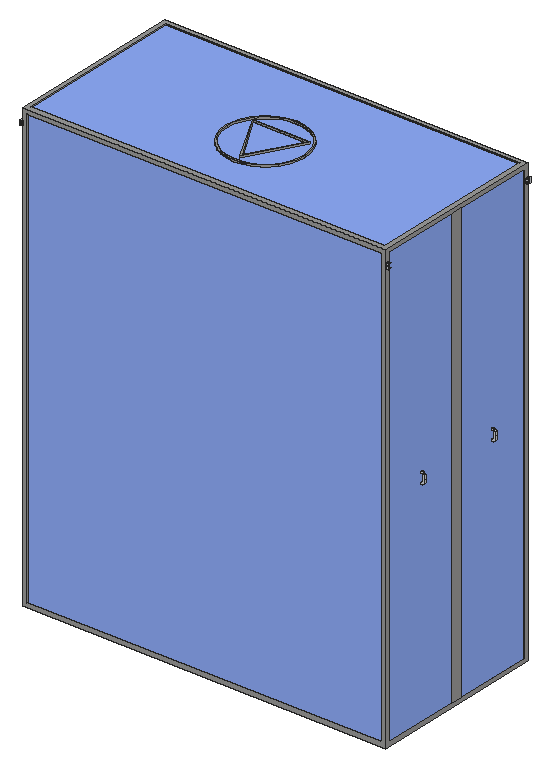
Revit family "1. Вентиляторы KORF ANR V1", category Оборудование, Revit 2016
Family settings
  Тип детали = Нормальный
  Размер круглого соединителя = Использовать диаметр
  На основе рабочей плоскости = Нет
  Всегда вертикально = Да
  При загрузке вырезать с полостями = Нет
  Общий = Нет
  Точка расчета площади = Нет
Parameters (values of type "ANR 45 V1.2.")
  значок [instance] = yes
  Ширина = Д - 75 mm  # 1550 mm
  Синий = Синий
  Середина = h + Б1 / 2  # 2165 mm
  Д1 = Д - 20 mm  # 1605 mm
  Д = 1625 mm
  ножки(да/нет) [instance] = no
  Высота = Б - 75 mm  # 4015 mm
  Б1 = Б - 20 mm  # 4070 mm
  А1 = А - 20 mm  # 3300 mm
  А = 3320 mm
  высота ножек = 120 mm
  Б = 4090 mm
  Частотный преобразователь [instance] = no
  Частота вращения n, об/мин = ""
  Тип, марка, обозначение = "ANR 45 V1.2."
  Сила тока J, А = ""
  Регулятор расхода [instance] = no
  Раздел = "ОВ"
  Примечание = ""
  Позиция = ""
  Напряжение U,В = ""
  Наименование и тех.хар-ка = "Секция вентилятора длинная с назад загнутыми лопатками и выбросом прямо"
  Мощность двигателя N,Вт = ""
  Материал = RAL 0000 Серый металл
  Масса единицы = ""
  Код, оборудования = ""
  Ключевая пометка = "Вентиляция"
  Задание электрикам [instance] = no
  Задание автоматчикам [instance] = no
  Завод изготовитель = "KORF"  # constant formula
  Единица измерения = "шт."  # constant formula
  h = высота ножек + 10 mm  # 130 mm
Types (26, lengths in mm): name | Ширина | Середина | Д1 | Д | Высота | Б1 | А1 | А | Б | Тип, марка, обозначение | Наименование и тех.хар-ка | Материал
  ANR 6 V1.0. | 1025 | 670 | 1080 | 1100 | 1025 | 1080 | 1080 | 1100 | 1100 | "ANR 6 V1.0." | "Секция вентилятора короткая с назад загнутыми лопатками и выбросом прямо" | Сталь серая
  ANR 7 V1.0. | 1025 | 780 | 1080 | 1100 | 1245 | 1300 | 1080 | 1100 | 1320 | "ANR 7 V1.0." | "Секция вентилятора короткая с назад загнутыми лопатками и выбросом прямо" | Сталь серая
  ANR 8 V1.0. | 1025 | 780 | 1080 | 1100 | 1245 | 1300 | 1300 | 1320 | 1320 | "ANR 8 V1.0." | "Секция вентилятора короткая с назад загнутыми лопатками и выбросом прямо" | Сталь серая
  ANR 12 V1.0. | 1025 | 837.5 | 1080 | 1100 | 1360 | 1415 | 1415 | 1435 | 1435 | "ANR 12 V1.0." | "Секция вентилятора короткая с назад загнутыми лопатками и выбросом прямо" | Сталь серая
  ANR 20 V1.0. | 1025 | 950 | 1080 | 1100 | 1585 | 1640 | 1640 | 1660 | 1660 | "ANR 20 V1.0." | "Секция вентилятора короткая с назад загнутыми лопатками и выбросом прямо" | Сталь серая
  ANR 25 V1.0. | 1025 | 1142.5 | 1080 | 1100 | 1970 | 2025 | 2025 | 2045 | 2045 | "ANR 25 V1.0." | "Секция вентилятора короткая с назад загнутыми лопатками и выбросом прямо" | Сталь серая
  ANR 30 V1.1. | 1550 | 1142.5 | 1605 | 1625 | 1970 | 2025 | 2465 | 2485 | 2045 | "ANR 30 V1.1." | "Секция вентилятора удлиненная с назад загнутыми лопатками и выбросом прямо" | Сталь серая
  ANR 35 V1.1. | 1550 | 1362.5 | 1605 | 1625 | 2410 | 2465 | 2465 | 2485 | 2485 | "ANR 35 V1.1." | "Секция вентилятора удлиненная с назад загнутыми лопатками и выбросом прямо" | Сталь серая
  ANR 40 V1.1. | 1550 | 1780 | 1605 | 1625 | 3245 | 3300 | 3300 | 3320 | 3320 | "ANR 40 V1.1." | "Секция вентилятора удлиненная с назад загнутыми лопатками и выбросом прямо" | Сталь серая
  ANR 45 V1.1. | 1550 | 2165 | 1605 | 1625 | 4015 | 4070 | 3300 | 3320 | 4090 | "ANR 45 V1.1." | "Секция вентилятора удлиненная с назад загнутыми лопатками и выбросом прямо" | Сталь серая
  ANR 6 V1.1. | 1550 | 670 | 1605 | 1625 | 1025 | 1080 | 1080 | 1100 | 1100 | "ANR 6 V1.1." | "Секция вентилятора удлиненная с назад загнутыми лопатками и выбросом прямо" | Сталь серая
  ANR 6 V1.2. | 1550 | 670 | 1605 | 1625 | 1025 | 1080 | 1080 | 1100 | 1100 | "ANR 6 V1.1." | "Секция вентилятора длинная с назад загнутыми лопатками и выбросом прямо" | Сталь серая
  ANR 7 V1.1. | 1550 | 780 | 1605 | 1625 | 1245 | 1300 | 1080 | 1100 | 1320 | "ANR 7 V1.1." | "Секция вентилятора удлиненная с назад загнутыми лопатками и выбросом прямо" | Сталь серая
  ANR 7 V1.2. | 1550 | 780 | 1605 | 1625 | 1245 | 1300 | 1080 | 1100 | 1320 | "ANR 7 V1.2." | "Секция вентилятора длинная с назад загнутыми лопатками и выбросом прямо" | Сталь серая
  ANR 8 V1.1. | 1550 | 780 | 1605 | 1625 | 1245 | 1300 | 1300 | 1320 | 1320 | "ANR 8 V1.1." | "Секция вентилятора удлиненная с назад загнутыми лопатками и выбросом прямо" | Сталь серая
  ANR 8 V1.2. | 1550 | 780 | 1605 | 1625 | 1245 | 1300 | 1300 | 1320 | 1320 | "ANR 8 V1.2." | "Секция вентилятора длинная с назад загнутыми лопатками и выбросом прямо" | Сталь серая
  ANR 12 V1.1. | 1550 | 837.5 | 1605 | 1625 | 1360 | 1415 | 1415 | 1435 | 1435 | "ANR 12 V1.1." | "Секция вентилятора удлиненная с назад загнутыми лопатками и выбросом прямо" | Сталь серая
  ANR 12 V1.2. | 1550 | 837.5 | 1605 | 1625 | 1360 | 1415 | 1415 | 1435 | 1435 | "ANR 12 V1.2." | "Секция вентилятора длинная с назад загнутыми лопатками и выбросом прямо" | Сталь серая
  ANR 20 V1.1. | 1550 | 950 | 1605 | 1625 | 1585 | 1640 | 1640 | 1660 | 1660 | "ANR 20 V1.1." | "Секция вентилятора удлиненная с назад загнутыми лопатками и выбросом прямо" | Сталь серая
  ANR 20 V1.2. | 1550 | 950 | 1605 | 1625 | 1585 | 1640 | 1640 | 1660 | 1660 | "ANR 20 V1.2." | "Секция вентилятора длинная с назад загнутыми лопатками и выбросом прямо" | Сталь серая
  ANR 25 V1.1. | 1550 | 1142.5 | 1605 | 1625 | 1970 | 2025 | 2025 | 2045 | 2045 | "ANR 25 V1.1." | "Секция вентилятора удлиненная с назад загнутыми лопатками и выбросом прямо" | Сталь серая
  ANR 25 V1.2. | 1550 | 1142.5 | 1605 | 1625 | 1970 | 2025 | 2025 | 2045 | 2045 | "ANR 25 V1.2." | "Секция вентилятора длинная с назад загнутыми лопатками и выбросом прямо" | Сталь серая
  ANR 30 V1.2. | 1550 | 1142.5 | 1605 | 1625 | 1970 | 2025 | 2465 | 2485 | 2045 | "ANR 30 V1.2." | "Секция вентилятора длинная с назад загнутыми лопатками и выбросом прямо" | Сталь серая
  ANR 35 V1.2. | 1550 | 1362.5 | 1605 | 1625 | 2410 | 2465 | 2465 | 2485 | 2485 | "ANR 35 V1.2." | "Секция вентилятора длинная с назад загнутыми лопатками и выбросом прямо" | Сталь серая
  ANR 40 V1.2. | 1550 | 1780 | 1605 | 1625 | 3245 | 3300 | 3300 | 3320 | 3320 | "ANR 40 V1.2." | "Секция вентилятора длинная с назад загнутыми лопатками и выбросом прямо" | Сталь серая
  ANR 45 V1.2. | 1550 | 2165 | 1605 | 1625 | 4015 | 4070 | 3300 | 3320 | 4090 | "ANR 45 V1.2." | "Секция вентилятора длинная с назад загнутыми лопатками и выбросом прямо" | RAL 0000 Серый металл
Reference planes
  plane 1 "По центру (Вперед/Назад)": y = 0
  plane 2: z = 0
  plane 3 "По центру (Влево/Вправо)": x = 0
  plane 4: x = -1650
  plane 5: x = 1650
  plane 6: y = 802.5
  plane 7: y = -802.5
  plane 8: z = 4200
  plane 9: z = 130
  plane 10: y = -152
  plane 11: z = 2165
  plane 12: y = 52.808
  plane 13: y = -52.808
  plane 14: y = 401.25
  plane 15: y = -401.25
  plane 16: z = 4100
  plane 17: x = 574.5
  plane 18: x = 1700
Forms (mm)
  Extrusion 1, solid, material "Синий" <- "Синий", detail levels fine
    sketch origin (0, 0, 50) x (1, 0, 0) y (0, 1, 0)
      loop
        line (-1650, 802.5) -> (-1650, -802.5) -> (1650, -802.5) -> (1650, 802.5) -> (-1650, 802.5)
    from 80 to 4150
  Sweep 2, solid, material "RAL 0000 Серый металл" <- "Материал", detail levels fine
    path origin (1650, -802.5, 50) x (-1, 0, 0) y (0, 0, -1)
      loop
        line (0, -4150) -> (3300, -4150) -> (3300, -80) -> (0, -80) -> (0, -4150)
    profile "Профиль уголок 10х10 : Профиль уголок 10х10" origin (0, -802.5, 4200) x (0, 0, -1) y (0, -1, 0)
      loop
        line (0, -27.5) -> (0, 0) -> (27.5, 0) -> (27.5, 10) -> (-10, 10) -> (-10, -27.5) -> (0, -27.5)
  Sweep 3, solid, material "RAL 0000 Серый металл" <- "Материал", detail levels fine
    path origin (-1650, 802.5, 50) x (1, 0, 0) y (0, 0, -1)
      loop
        line (0, -4150) -> (3300, -4150) -> (3300, -80) -> (0, -80) -> (0, -4150)
    profile "Профиль уголок 10х10 : Профиль уголок 10х10" origin (0, 802.5, 4200) x (0, 0, -1) y (0, 1, 0)
      loop
        line (0, -27.5) -> (0, 0) -> (27.5, 0) -> (27.5, 10) -> (-10, 10) -> (-10, -27.5) -> (0, -27.5)
  Sweep 4, solid, material "RAL 0000 Серый металл" <- "Материал", detail levels fine
    path origin (1650, 802.5, 50) x (0, -1, 0) y (0, 0, -1)
      loop
        line (0, -4150) -> (1605, -4150) -> (1605, -80) -> (0, -80) -> (0, -4150)
    profile "Профиль уголок 10х10 : Профиль уголок 10х10" origin (1650, 0, 4200) x (0, 0, -1) y (1, 0, 0)
      loop
        line (0, -27.5) -> (0, 0) -> (27.5, 0) -> (27.5, 10) -> (-10, 10) -> (-10, -27.5) -> (0, -27.5)
  Sweep 5, solid, material "RAL 0000 Серый металл" <- "Материал", detail levels fine
    path origin (-1650, -802.5, 50) x (0, 1, 0) y (0, 0, -1)
      loop
        line (0, -4150) -> (1605, -4150) -> (1605, -80) -> (0, -80) -> (0, -4150)
    profile "Профиль уголок 10х10 : Профиль уголок 10х10" origin (-1650, 0, 4200) x (0, 0, -1) y (-1, 0, 0)
      loop
        line (0, -27.5) -> (0, 0) -> (27.5, 0) -> (27.5, 10) -> (-10, 10) -> (-10, -27.5) -> (0, -27.5)
  Extrusion 6, void, not visible
    sketch origin (-345, -245, 50) x (0, -1, 0) y (0, 0, -1)
      loop
        line (-477.965, -475) -> (-477.965, -450) -> (-528.913, -450) -> (-528.913, -475) -> (-477.965, -475)
    from -47.452 to 12
  Sweep 7, solid, material "RAL 0000 Серый металл" <- "Материал", visible <- "ножки(да/нет)", detail levels fine
    path origin (0, 0, 0) x (1, 0, 0) y (0, 1, 0)
      loop
        line (-1650, 802.5) -> (-1650, -802.5) -> (1650, -802.5) -> (1650, 802.5) -> (-1650, 802.5)
    profile "Семейство1 : Семейство1" origin (0, 802.5, 0) x (0, 1, 0) y (0, 0, 1)
      loop
        line (-10, 120) -> (-10, 100) -> (-3.38, 100) -> (-3.38, 20) -> (-10, 20) -> (-10, 0) -> (10, 0) -> (10, 20) -> (3.38, 20) -> (3.38, 100) -> (10, 100) -> (10, 120) -> (-10, 120)
  Extrusion 8, void
    sketch origin (0, 0, 0) x (1, 0, 0) y (0, 0, 1)
      loop
        line (152.369, 100) -> (152.369, 20) -> (1458.798, 20) -> (1458.798, 100) -> (152.369, 100)
      loop
        line (-152.369, 100) -> (-1458.798, 100) -> (-1458.798, 20) -> (-152.369, 20) -> (-152.369, 100)
    from -812.5 to 812.5
  Extrusion 9, void
    sketch origin (0, 0, 0) x (0, 1, 0) y (0, 0, 1)
      loop
        line (-152.418, 100) -> (-479.905, 100) -> (-479.905, 20) -> (-152.418, 20) -> (-152.418, 100)
      loop
        line (152.418, 100) -> (152.418, 20) -> (479.905, 20) -> (479.905, 100) -> (152.418, 100)
    from -1660 to 1700
  Extrusion 10, solid, material "RAL 0000 Серый металл" <- "Материал", detail levels fine
    sketch origin (560, 0, 0) x (0, 1, 0) y (0, 0, 1)
      loop
        line (-52.808, 4172.5) -> (-52.808, 157.5) -> (52.808, 157.5) -> (52.808, 4172.5) -> (-52.808, 4172.5)
    from 1100 to 1090
  Extrusion 11, solid, material "RAL 0000 Серый металл" <- "Материал", visible <- "значок", detail levels fine
    sketch origin (280, 195, 4200) x (1, 0, 0) y (0, 1, 0)
      loop
        circle (-280, -310.913) r 360
      loop
        circle (-280, -310.913) r 350
      loop
        line (-280, -596.25) -> (-17.5, -126.25) -> (-280, -126.25) -> (-542.5, -126.25) -> (-280, -596.25)
      loop
        line (-280, -570.913) -> (-26.16, -131.25) -> (-280, -131.25) -> (-533.84, -131.25) -> (-280, -570.913)
    from 0 to 15
Cuts and joins
  joined: Sweep 2, Sweep 3, Sweep 4, Sweep 5
  Extrusion 8, Extrusion 9 cuts Sweep 7
Lines and regions (mm)
  model lines, detail levels coarse
    curve 1: line (-1660, 812.5, 0) -> (1660, 812.5, 0)
    curve 2: line (-1660, -812.5, 0) -> (-1660, 812.5, 0)
    curve 3: line (1660, -812.5, 0) -> (-1660, -812.5, 0)
    curve 4: line (1660, 812.5, 0) -> (1660, -812.5, 0)
    curve 5: circle (0, 0, 0) r 359.673 normal (0, 0, 1)
    curve 6: line (-222.627, 110, 0) -> (222.627, 110, 0)
    curve 7: line (222.627, 110, 0) -> (0, -130, 0)
    curve 8: line (0, -130, 0) -> (-222.627, 110, 0)
  model lines, detail levels medium
    curve 9: line (0, 812.5, 4210) -> (0, -812.5, 4210)
    curve 10: line (0, 812.5, 100) -> (0, 812.5, 4210)
    curve 11: line (0, -812.5, 100) -> (0, 812.5, 100)
    curve 12: line (0, -812.5, 4210) -> (0, -812.5, 100)
    curve 13: circle (0, 0, 2165) r 440 normal (1, 0, 0)
    curve 14: line (0, -405, 2165) -> (0, 246.626, 2482.819)
    curve 15: line (0, 246.626, 2482.819) -> (0, 246.626, 2165)
    curve 16: line (0, -405, 2165) -> (0, 246.626, 1847.181)
    curve 17: line (0, 246.626, 1847.181) -> (0, 246.626, 2165)
  model lines, not visible, detail levels medium
    curve 18: circle (0, 0, 670) r 440 normal (1, 0, 0)
    curve 19: line (0, -405, 670) -> (0, 246.626, 987.819)
    curve 20: line (0, 246.626, 987.819) -> (0, 246.626, 670)
    curve 21: line (0, -405, 670) -> (0, 246.626, 352.181)
    curve 22: line (0, 246.626, 352.181) -> (0, 246.626, 670)
Dimensions and locks
  equal spacing: plane 6, plane 1 "По центру (Вперед/Назад)", plane 7
  "Д1": plane 6 to plane 7
  equal spacing: plane 4, plane 3 "По центру (Влево/Вправо)", plane 5
  "А1": plane 4 to plane 5
  "h": plane 9 to level
  "Б1": plane 8 to plane 9
  cut or joined group of Sweep 2, Sweep 3, Sweep 4, Sweep 5 to level = 120 mm
  locked: plane 3 "По центру (Влево/Вправо)" to cut or joined group of Sweep 7, Extrusion 8, Extrusion 9 at 152.369
  locked: cut or joined group of Sweep 7, Extrusion 8, Extrusion 9 to plane 3 "По центру (Влево/Вправо)" at 152.369
  locked: plane 1 "По центру (Вперед/Назад)" to plane 10 at 152
  "Середина": plane 11 to level
  locked: plane 11 to nested 2 at 55.342
  equal spacing: Extrusion 10 sketch curve, plane 1 "По центру (Вперед/Назад)", Extrusion 10 sketch curve
  plane 13 to plane 1 "По центру (Вперед/Назад)" to plane 12 = 52.808 mm locked, 52.808 mm locked
  plane 15 to plane 1 "По центру (Вперед/Назад)" to plane 14 = 401.25 mm, 401.25 mm
  locked: plane 8 to plane 16 at 100
  Extrusion 10 to plane 17 = 1075.5 mm
  locked: plane 18 to plane 5 at 50
  equal spacing: plane 1 "По центру (Вперед/Назад)", plane 15, plane 7
  equal spacing: plane 6, plane 14, plane 1 "По центру (Вперед/Назад)"
  aligned and locked: level to plane 2
  aligned and locked: Extrusion 1 to plane 6
  aligned and locked: Extrusion 1 to plane 5
  aligned and locked: Extrusion 1 to plane 7
  aligned and locked: Extrusion 1 to plane 4
  aligned and locked: Extrusion 1 to plane 8
  aligned and locked: Extrusion 1 to plane 9
  aligned and locked: Sweep 4 sketch curve to Extrusion 1  (x2)
  aligned and locked: Sweep 5 sketch curve to Extrusion 1  (x2)
  aligned and locked: Sweep 7 sketch curve to Extrusion 1  (x4)
  aligned and locked: Sweep 7 to Extrusion 8  (x2)
  aligned and locked: cut or joined group of Sweep 2, Sweep 3, Sweep 4, Sweep 5 to Extrusion 9
  aligned and locked: Extrusion 10 to cut or joined group of Sweep 2, Sweep 3, Sweep 4, Sweep 5  (x2)
  aligned and locked: Extrusion 10 to plane 12
  aligned and locked: Extrusion 10 to plane 13
  aligned and locked: nested 2 to plane 14  (x2)
  aligned and locked: nested 3 to plane 15
  aligned and locked: nested 4 to cut or joined group of Sweep 2, Sweep 3, Sweep 4, Sweep 5  (x2)
  aligned and locked: nested 4 to plane 16
  aligned and locked: nested 5 to plane 16
  aligned and locked: cut or joined group of Sweep 2, Sweep 3, Sweep 4, Sweep 5 to nested 5  (x2)
  aligned and locked: cut or joined group of Sweep 2, Sweep 3, Sweep 4, Sweep 5 to nested 4
  aligned and locked: cut or joined group of Sweep 2, Sweep 3, Sweep 4, Sweep 5 to nested 7
  aligned and locked: nested 6 to cut or joined group of Sweep 2, Sweep 3, Sweep 4, Sweep 5
  aligned and locked: plane 16 to nested 7
  aligned and locked: plane 16 to nested 6
  aligned and locked: nested 3 to nested 2
  aligned and locked: cut or joined group of Sweep 2, Sweep 3, Sweep 4, Sweep 5 to Extrusion 10
  aligned and locked: Extrusion 10 to Extrusion 1
  aligned and locked: nested 3 to plane 18
  aligned and locked: nested 2 to plane 18
  aligned and locked: nested 7 to cut or joined group of Sweep 2, Sweep 3, Sweep 4, Sweep 5
  aligned and locked: cut or joined group of Sweep 2, Sweep 3, Sweep 4, Sweep 5 to nested 6
  aligned and locked: plane 15 to nested 3
  aligned and locked: plane 3 "По центру (Влево/Вправо)" to Extrusion 11 sketch curve
  aligned and locked: plane 15 to Extrusion 11 sketch curve
  aligned and locked: curve 1 to cut or joined group of Sweep 7, Extrusion 8, Extrusion 9
  aligned and locked: curve 2 to cut or joined group of Sweep 7, Extrusion 8, Extrusion 9
  aligned and locked: curve 3 to cut or joined group of Sweep 2, Sweep 3, Sweep 4, Sweep 5
  aligned and locked: curve 9 to cut or joined group of Sweep 2, Sweep 3, Sweep 4, Sweep 5
  aligned and locked: curve 10 to cut or joined group of Sweep 2, Sweep 3, Sweep 4, Sweep 5
  aligned and locked: curve 11 to cut or joined group of Sweep 7, Extrusion 8, Extrusion 9
  aligned and locked: curve 12 to cut or joined group of Sweep 7, Extrusion 8, Extrusion 9
  aligned and locked: plane 11 to curve 16
Automatic sketch dimensions
  Extrusion 6 sketch curve to Extrusion 6 sketch curve = 50.949 mm
  Extrusion 6 sketch curve to Extrusion 6 sketch curve = 25 mm
  curve 8 to plane 3 "По центру (Влево/Вправо)" = 0 mm
  plane 1 "По центру (Вперед/Назад)" to curve 5 = 0 mm
  curve 5 to plane 3 "По центру (Влево/Вправо)" = 0 mm
  curve 8 to plane 12 = 57.192 mm
  curve 8 to plane 3 "По центру (Влево/Вправо)" = 222.627 mm
  plane 3 "По центру (Влево/Вправо)" to curve 7 = 222.627 mm
  plane 5 to curve 4 = 10 mm
  plane 13 to curve 8 = 77.192 mm
  Extrusion 1 sketch curve to plane 4 = 0 mm
  Extrusion 1 sketch curve to plane 5 = 0 mm
  Extrusion 1 sketch curve to plane 7 = 0 mm
  Extrusion 1 sketch curve to plane 6 = 0 mm
  Sweep 2 sketch curve to Extrusion 1 = 0 mm  (x4)
  Sweep 3 sketch curve to Extrusion 1 = 0 mm  (x3)
  Extrusion 1 to Sweep 3 sketch curve = 0 mm
  Sweep 4 sketch curve to Extrusion 1 = 0 mm  (x2)
  Sweep 5 sketch curve to Extrusion 1 = 0 mm  (x2)
  Extrusion 8 sketch curve to plane 9 = 30 mm  (x2)
  plane 4 to Extrusion 8 sketch curve = 191.202 mm
  level to Extrusion 8 sketch curve = 20 mm  (x2)
  Extrusion 8 sketch curve to plane 3 "По центру (Влево/Вправо)" = 152.369 mm
  plane 3 "По центру (Влево/Вправо)" to Extrusion 8 sketch curve = 152.369 mm
  Extrusion 8 sketch curve to plane 5 = 191.202 mm
  Extrusion 9 sketch curve to plane 9 = 30 mm  (x2)
  plane 15 to Extrusion 9 sketch curve = 78.655 mm
  Extrusion 9 sketch curve to plane 10 = 0.418 mm
  Extrusion 9 sketch curve to plane 12 = 99.611 mm
  plane 14 to Extrusion 9 sketch curve = 78.655 mm
  level to Extrusion 9 sketch curve = 20 mm  (x2)
  Extrusion 10 sketch curve to plane 13 = 0 mm
  plane 9 to Extrusion 10 sketch curve = 27.5 mm
  Extrusion 10 sketch curve to plane 8 = 27.5 mm
  Extrusion 11 sketch curve to Extrusion 11 sketch curve = 0 mm  (x6)
  Extrusion 11 sketch curve to Extrusion 11 sketch curve = 253.84 mm  (x2)
  Extrusion 11 sketch curve to Extrusion 11 sketch curve = 8.66 mm  (x2)
  Extrusion 11 sketch curve to Extrusion 11 sketch curve = 25.337 mm
  Extrusion 11 sketch curve to Extrusion 11 sketch curve = 260 mm
  Extrusion 11 sketch curve to Extrusion 11 sketch curve = 179.663 mm
  Extrusion 11 sketch curve to Extrusion 11 sketch curve = 5 mm
  radius of curve 5 = 359.673 mm
  radius of Extrusion 11 sketch curve = 360 mm
  radius of Extrusion 11 sketch curve = 350 mm
Nested families
  nested 1: "крепление 15мм" at (-330, 229.965, 495), type "крепление 15мм", not visible
  nested 2: "Ручка" at (1662.018, 411.25, 2167.366), type "Ручка", detail levels fine
  nested 3: "Ручка" at (1662.018, -411.25, 2167.366), type "Ручка", detail levels fine
  nested 4: "крепеж" at (1684.5, -812.5, 4055.175) x (-1, 0, 0) z (0, 0, 1), type "крепеж", detail levels fine
  nested 5: "крепеж" at (1684.5, 812.5, 4055.175) x (-1, 0, 0) z (0, 0, 1), type "крепеж", detail levels fine
  nested 6: "крепеж" at (-1684.5, -812.5, 4055.175), type "крепеж", detail levels fine
  nested 7: "крепеж" at (-1684.5, 812.5, 4055.175), type "крепеж", detail levels fine
Definition of nested family "крепление 15мм"
  Parameters (values of type "крепление 15мм")
    Материал крепления = none
  Reference planes
    plane 1 "По центру (Вперед/Назад)": y = 0
    plane 2: z = 0
    plane 3 "По центру (Влево/Вправо)": x = 0
  Forms (mm)
    Extrusion 1, solid, material <- "Материал крепления"
      sketch origin (0, 0, 0) x (1, 0, 0) y (0, 1, 0)
        loop
          line (-25, 0) -> (0, 0) -> (0, 18.31) -> (0, 25) -> (-3, 25) -> (-3, 3) -> (-25, 3) -> (-25, 0)
      from 0 to 30
    Extrusion 2, void
      sketch origin (0, 0, 0) x (1, 0, 0) y (0, 1, 0)
        loop
          line (-3, 3) -> (-3, 54.96) -> (-58, 54.96) -> (-58, 3) -> (-3, 3)
      from 0 to 15
  Cuts and joins
    Extrusion 2 cuts Extrusion 1
  Dimensions and locks
    Extrusion 1 sketch curve to Extrusion 1 sketch curve = 3 mm  (x2)
    Extrusion 1 sketch curve to Extrusion 1 sketch curve to plane 3 "По центру (Влево/Вправо)" = 25 mm, 0 mm
    Extrusion 1 sketch curve to Extrusion 1 sketch curve = 25 mm
    aligned and locked: level to plane 2
Definition of nested family "Ручка"
  Parameters (values of type "Ручка")
    материал ручки = none
  Reference planes
    plane 1 "По центру (Вперед/Назад)": y = 0
    plane 2: z = 0
    plane 3 "По центру (Влево/Вправо)": x = 0
    plane 4: x = -37.982
    plane 5: x = 37.982
  Forms (mm)
    Extrusion 1, solid, material <- "материал ручки", not visible
      sketch origin (-3.982, 0, -4.834) x (0, 0, 1) y (-1, 0, 0)
        loop
          line (-52.874, -42.815) -> (53.726, -42.815) -> (53.726, 8.783) -> (36.069, 34) -> (1.069, 34) -> (-36.069, 34) -> (-52.874, 10) -> (-52.874, -42.815)
      from 0 to 10
    Extrusion 2, void, not visible
      sketch origin (-3.982, 0, -4.834) x (0, 0, 1) y (-1, 0, 0)
        loop
          line (-37.219, -42.815) -> (37.781, -42.815) -> (37.781, 20.04) -> (-37.219, 20.04) -> (-37.219, -42.815)
      from 0 to 50
    Extrusion 3, solid, material <- "материал ручки"
      sketch origin (3.982, 0, -4.834) x (0, 0, 1) y (-1, 0, 0)
        loop
          line (-52.874, 42.815) -> (-52.874, -10) -> (-36.069, -34) -> (1.069, -34) -> (36.069, -34) -> (53.726, -8.783) -> (53.726, 42.815) -> (-52.874, 42.815)
      from 0 to 10
    Extrusion 4, void
      sketch origin (3.982, 0, -4.834) x (0, 0, 1) y (-1, 0, 0)
        loop
          line (-37.219, 42.815) -> (-37.219, -11.018) -> (37.781, -11.018) -> (37.781, 42.815) -> (-37.219, 42.815)
      from 0 to 50
  Cuts and joins
    Extrusion 4 cuts Extrusion 3
  Dimensions and locks
    aligned and locked: level to plane 2
Definition of nested family "крепеж"
  Parameters (values of type "крепеж")
    Материал крепежа = none
  Reference planes
    plane 1 "По центру (Вперед/Назад)": y = 0
    plane 2: z = 0
    plane 3 "По центру (Влево/Вправо)": x = 0
    plane 4: x = 24.5
    plane 5: z = 22.413
  Forms (mm)
    Extrusion 1, solid, material <- "Материал крепежа"
      sketch origin (0, 0, 0) x (0, 1, 0) y (0, 0, 1)
        loop
          line (0, 44.825) -> (-16.343, 44.825) -> (-24.468, 44.825) -> (-24.468, 42.95) -> (-1.968, 42.95) -> (-1.968, 1.657) -> (-24.468, 1.657) -> (-24.468, 0) -> (-16.343, 0) -> (0, 0) -> (0, 44.825)
      from 0 to 24.5
    Extrusion 2, void
      sketch origin (0.625, 0, -0.625) x (1, 0, 0) y (0, 0, 1)
        loop
          circle (11.121, 22.873) r 5
      from 0 to 250
    Extrusion 3, solid, material <- "Материал крепежа"
      sketch origin (0, 0, 0.175) x (1, 0, 0) y (0, 0, 1)
        loop
          line (24.5, 44.651) -> (22.651, 44.651) -> (22.651, -0.175) -> (24.5, -0.175) -> (24.5, 44.651)
      from 0 to 24.468
    Extrusion 4, void
      sketch origin (0, 0, 0) x (0, 1, 0) y (0, 0, 1)
        loop
          line (-24.468, 28.943) -> (-24.468, 15.882) -> (-9.468, 15.882) -> (-9.468, 28.943) -> (-24.468, 28.943)
      from 0 to 250
    Blend 5, solid
      base sketch origin (0, 0, 0) x (0, 1, 0) y (0, 0, 1)
        loop
          circle (-15.104, 36.823) r 4.161
      top sketch origin (0, 0, 0) x (0, 1, 0) y (0, 0, 1)
        loop
          circle (-15.104, 36.823) r 2.994
      from 22.651 to 19.241
    Blend 6, solid
      base sketch origin (0, 0, 44.825) x (0, 1, 0) y (0, 0, 1)
        loop
          circle (-15.104, -36.823) r 4.161
      top sketch origin (0, 0, 44.825) x (0, 1, 0) y (0, 0, 1)
        loop
          circle (-15.104, -36.823) r 2.994
      from 22.651 to 19.241
  Cuts and joins
    Extrusion 2, Extrusion 4 cuts Extrusion 1
    Extrusion 4 cuts Extrusion 3
    joined: Extrusion 1, Extrusion 3
  Dimensions and locks
    plane 3 "По центру (Влево/Вправо)" to plane 4 = 24.5 mm
    equal spacing: cut or joined group of Extrusion 1, Extrusion 2, Extrusion 3, Extrusion 4, plane 5, cut or joined group of Extrusion 1, Extrusion 2, Extrusion 3, Extrusion 4
    equal spacing: Extrusion 4 sketch curve, plane 5, Extrusion 4 sketch curve
    aligned and locked: level to plane 2
    aligned and locked: plane 4 to Extrusion 1
    aligned and locked: cut or joined group of Extrusion 1, Extrusion 2, Extrusion 3, Extrusion 4 to cut or joined group of Extrusion 1, Extrusion 2, Extrusion 3, Extrusion 4  (x3)
    aligned and locked: cut or joined group of Extrusion 1, Extrusion 2, Extrusion 3, Extrusion 4 to Blend 5
  Automatic sketch dimensions
    Extrusion 1 sketch curve to level = 0 mm
    Extrusion 1 sketch curve to plane 1 "По центру (Вперед/Назад)" = 0 mm
    plane 1 "По центру (Вперед/Назад)" to Extrusion 1 sketch curve = 1.968 mm
    Extrusion 1 sketch curve to Extrusion 1 sketch curve = 14.375 mm  (x2)
    level to Extrusion 1 sketch curve = 1.657 mm
    Extrusion 1 sketch curve to Extrusion 1 sketch curve = 8.125 mm  (x2)
    plane 5 to Extrusion 1 sketch curve = 20.538 mm
    Extrusion 1 sketch curve to Extrusion 1 sketch curve = 1.875 mm
    Extrusion 2 sketch curve to plane 5 = 0.165 mm
    plane 3 "По центру (Влево/Вправо)" to Extrusion 2 sketch curve = 11.746 mm
    Extrusion 3 sketch curve to level = 0 mm
    Extrusion 3 sketch curve to plane 4 = 0 mm
    Extrusion 3 sketch curve to Extrusion 3 sketch curve = 1.849 mm
    plane 5 to Extrusion 3 sketch curve = 22.413 mm
    Extrusion 4 sketch curve to plane 5 = 6.531 mm
    plane 1 "По центру (Вперед/Назад)" to Extrusion 4 sketch curve = 24.468 mm
    plane 1 "По центру (Вперед/Назад)" to Extrusion 4 sketch curve = 9.468 mm
    plane 1 "По центру (Вперед/Назад)" to Blend 5 sketch curve = 15.104 mm  (x2)
    plane 5 to Blend 5 sketch curve = 14.41 mm  (x2)
    Blend 6 sketch curve to plane 1 "По центру (Вперед/Назад)" = 15.104 mm  (x2)
    Blend 6 sketch curve to level = 8.002 mm  (x2)
    radius of Extrusion 2 sketch curve = 5 mm
    radius of Blend 5 sketch curve = 4.161 mm
    radius of Blend 5 sketch curve = 2.994 mm
    radius of Blend 6 sketch curve = 4.161 mm
    radius of Blend 6 sketch curve = 2.994 mm
